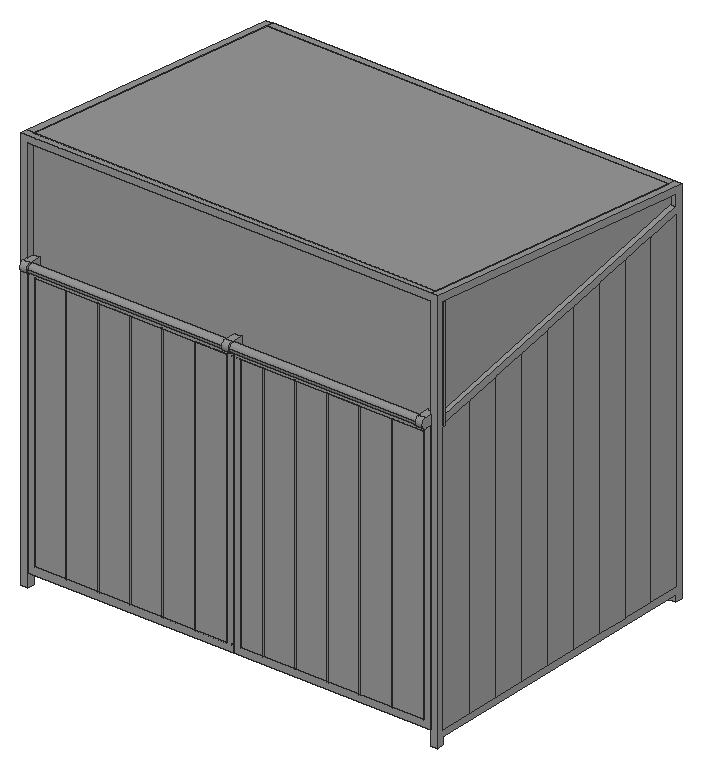
Revit family "13880 Контейнерный шкаф «Модуль» Хоббика", category Антураж, Revit 2018
Family settings
  На основе рабочей плоскости = Нет
  Всегда вертикально = Да
  При загрузке вырезать с полостями = Нет
  Источник визуального образа = Геометрия семейства
  Общий = Нет
  Точка расчета площади = Нет
Parameters (values of type "Версия "Лиственница"")
  Ширина = 1100 mm  # constant formula
  Цвет отделки = Лиственница
  Цвет каркаса = Сталь
  Описание = if([Версия "Лиственница"], "Контейнерный шкаф «Модуль». Версия «Лиственница»", "Контейнерный шкаф «Модуль». Версия «Сосна»")  # "Контейнерный шкаф «Модуль». Версия «Лиственница»"
  Материал изделия = "Сталь, дерево"  # constant formula
  Изображение типоразмера = Контейнерный шкаф «Модуль» Арт 13880.jpg
  Изготовитель = "ООО «Хоббика»"  # constant formula
  Длина = 1500 mm  # constant formula
  Группа модели = "Контейнерные площадки для ТБО"  # constant formula
  Высота = 1460 mm  # constant formula
  Версия "Сосна" = not([Версия "Лиственница"])  # no
  Версия "Лиственница" = yes
  Артикул товара = "Арт. 13880"  # constant formula
  URL = "https://hobbyka.ru/product/konteynernyy_shkaf_modul/"
Types (3, lengths in mm): name | Цвет отделки | Описание | Версия "Сосна" | Версия "Лиственница"
  (no name) | Лиственница | "Контейнерный шкаф «Модуль». Версия «Лиственница»" | no | yes
  Версия "Лиственница" | Лиственница | "Контейнерный шкаф «Модуль». Версия «Лиственница»" | no | yes
  Версия "Сосна" | Сосна | "Контейнерный шкаф «Модуль». Версия «Сосна»" | yes | no
Reference planes
  plane 1 "По центру (Вперед/Назад)": y = 0
  plane 2: z = 0
  plane 3 "По центру (Влево/Вправо)": x = 0
  plane 4: x = 1500
  plane 5: y = 1100
  plane 6: z = 1460
Forms (mm)
  Extrusion 1, solid, material "Сталь" <- "Цвет каркаса"
    sketch origin (0, 0, 0) x (0, 1, 0) y (0, 0, 1)
      loop
        line (1100, 0) -> (1100, 1340) -> (0, 1460) -> (0, 0) -> (25, 0) -> (25, 25) -> (1075, 25) -> (1075, 0) -> (1100, 0)
      loop
        line (1075, 1317.218) -> (25, 1432.566) -> (25, 1058.355) -> (1075, 1277) -> (1075, 1317.218)
      loop
        line (1075, 1251.614) -> (25, 1032.969) -> (25, 50) -> (1075, 50) -> (1075, 1251.614)
    from 0 to 25
  Extrusion 2, solid, material "Сталь" <- "Цвет каркаса"
    sketch origin (0, 0, 0) x (0, 1, 0) y (0, 0, 1)
      loop
        line (1100, 0) -> (1100, 1340) -> (0, 1460) -> (0, 0) -> (25, 0) -> (25, 25) -> (1075, 25) -> (1075, 0) -> (1100, 0)
      loop
        line (1075, 1317.218) -> (25, 1432.566) -> (25, 1058.355) -> (1075, 1277) -> (1075, 1317.218)
      loop
        line (1075, 1251.614) -> (25, 1032.969) -> (25, 50) -> (1075, 50) -> (1075, 1251.614)
    from 1475 to 1500
  Extrusion 3, solid, material "Сталь" <- "Цвет каркаса"
    sketch origin (0, 0, 0) x (0, 1, 0) y (0, 0, 1)
      loop
        line (25, 1457.674) -> (0, 1460) -> (0, 1434.892) -> (25, 1432.566) -> (25, 1457.674)
      loop
        line (1100, 1340) -> (1075, 1342.326) -> (1075, 1317.218) -> (1100, 1314.892) -> (1100, 1340)
      loop
        line (1075, 50) -> (1075, 25) -> (1100, 25) -> (1100, 50) -> (1075, 50)
    from 0 to 1475
  Extrusion 4, solid, material "Сталь" <- "Цвет каркаса"
    sketch origin (0, 0, 0) x (1, 0, 0) y (0, 0, 1)
      loop
        line (25, 1032.969) -> (25, 50) -> (765, 50) -> (765, 1032.969) -> (25, 1032.969)
      loop
        line (50, 1007.969) -> (50, 75) -> (740, 75) -> (740, 1007.969) -> (50, 1007.969)
    from 0 to -25
  Extrusion 5, solid, material "Сталь" <- "Цвет каркаса"
    sketch origin (740, 0, 0) x (1, 0, 0) y (0, 0, 1)
      loop
        line (25, 1032.969) -> (25, 50) -> (735, 50) -> (735, 1032.969) -> (25, 1032.969)
      loop
        line (50, 1007.969) -> (50, 75) -> (710, 75) -> (710, 1007.969) -> (50, 1007.969)
    from 0 to -25
  Extrusion 6, solid, material "Сталь" <- "Цвет каркаса"
    sketch origin (0, 0, 0) x (0, 1, 0) y (0, 0, 1)
      loop
        line (1075, 1317.218) -> (25, 1432.566) -> (25, 1058.355) -> (1075, 1277) -> (1075, 1317.218)
    from 20 to 25
  Extrusion 7, solid, material "Сталь" <- "Цвет каркаса"
    sketch origin (0, 0, 0) x (0, 1, 0) y (0, 0, 1)
      loop
        line (1075, 1317.218) -> (25, 1432.566) -> (25, 1058.355) -> (1075, 1277) -> (1075, 1317.218)
    from 1475 to 1480
  Extrusion 8, solid, material "Сталь" <- "Цвет каркаса"
    sketch origin (0, 0, 0) x (0, 1, 0) y (0, 0, 1)
      loop
        line (20, 1433.032) -> (20, 1032.969) -> (25, 1032.969) -> (25, 1432.566) -> (20, 1433.032)
    from 25 to 1505
  Extrusion 9, solid, material "Лиственница" <- "Цвет отделки"
    sketch origin (0, -1125, 0) x (0, 1, 0) y (0, 0, 1)
      loop
        line (1265, 1056.916) -> (1150, 1032.969) -> (1150, 50) -> (1265, 50) -> (1265, 1056.916)
    from 0 to 25
  Extrusion 10, solid, material "Лиственница" <- "Цвет отделки"
    sketch origin (0, -1125, 0) x (0, 1, 0) y (0, 0, 1)
      loop
        line (1265, 1056.916) -> (1150, 1032.969) -> (1150, 50) -> (1265, 50) -> (1265, 1056.916)
    from 1475 to 1500
  Extrusion 11, solid, material "Лиственница" <- "Цвет отделки"
    sketch origin (0, -190, 0) x (1, 0, 0) y (0, 1, 0)
      loop
        line (25, 1290) -> (25, 1265) -> (140, 1265) -> (140, 1290) -> (25, 1290)
    from 50 to 1314.892
  Extrusion 12, solid, material "Лиственница" <- "Цвет отделки"
    sketch origin (1335, -190, 0) x (1, 0, 0) y (0, 1, 0)
      loop
        line (25, 1290) -> (25, 1265) -> (140, 1265) -> (140, 1290) -> (25, 1290)
    from 50 to 1314.892
  Extrusion 13, solid, material "Лиственница" <- "Цвет отделки"
    sketch origin (121.364, -190, 0) x (1, 0, 0) y (0, 1, 0)
      loop
        line (25, 1290) -> (25, 1265) -> (140, 1265) -> (140, 1290) -> (25, 1290)
    from 50 to 1314.892
  Extrusion 14, solid, material "Лиственница" <- "Цвет отделки"
    sketch origin (242.727, -190, 0) x (1, 0, 0) y (0, 1, 0)
      loop
        line (25, 1290) -> (25, 1265) -> (140, 1265) -> (140, 1290) -> (25, 1290)
    from 50 to 1314.892
  Extrusion 15, solid, material "Лиственница" <- "Цвет отделки"
    sketch origin (364.091, -190, 0) x (1, 0, 0) y (0, 1, 0)
      loop
        line (25, 1290) -> (25, 1265) -> (140, 1265) -> (140, 1290) -> (25, 1290)
    from 50 to 1314.892
  Extrusion 16, solid, material "Лиственница" <- "Цвет отделки"
    sketch origin (485.455, -190, 0) x (1, 0, 0) y (0, 1, 0)
      loop
        line (25, 1290) -> (25, 1265) -> (140, 1265) -> (140, 1290) -> (25, 1290)
    from 50 to 1314.892
  Extrusion 17, solid, material "Лиственница" <- "Цвет отделки"
    sketch origin (606.818, -190, 0) x (1, 0, 0) y (0, 1, 0)
      loop
        line (25, 1290) -> (25, 1265) -> (140, 1265) -> (140, 1290) -> (25, 1290)
    from 50 to 1314.892
  Extrusion 18, solid, material "Лиственница" <- "Цвет отделки"
    sketch origin (728.182, -190, 0) x (1, 0, 0) y (0, 1, 0)
      loop
        line (25, 1290) -> (25, 1265) -> (140, 1265) -> (140, 1290) -> (25, 1290)
    from 50 to 1314.892
  Extrusion 19, solid, material "Лиственница" <- "Цвет отделки"
    sketch origin (849.545, -190, 0) x (1, 0, 0) y (0, 1, 0)
      loop
        line (25, 1290) -> (25, 1265) -> (140, 1265) -> (140, 1290) -> (25, 1290)
    from 50 to 1314.892
  Extrusion 20, solid, material "Лиственница" <- "Цвет отделки"
    sketch origin (970.909, -190, 0) x (1, 0, 0) y (0, 1, 0)
      loop
        line (25, 1290) -> (25, 1265) -> (140, 1265) -> (140, 1290) -> (25, 1290)
    from 50 to 1314.892
  Extrusion 21, solid, material "Лиственница" <- "Цвет отделки"
    sketch origin (1092.273, -190, 0) x (1, 0, 0) y (0, 1, 0)
      loop
        line (25, 1290) -> (25, 1265) -> (140, 1265) -> (140, 1290) -> (25, 1290)
    from 50 to 1314.892
  Extrusion 22, solid, material "Лиственница" <- "Цвет отделки"
    sketch origin (1213.636, -190, 0) x (1, 0, 0) y (0, 1, 0)
      loop
        line (25, 1290) -> (25, 1265) -> (140, 1265) -> (140, 1290) -> (25, 1290)
    from 50 to 1314.892
  Extrusion 23, solid, material "Сталь" <- "Цвет каркаса"
    sketch origin (0, 0, 0) x (0, 1, 0) y (0, 0, 1)
      loop
        line (1075, 1342.326) -> (25, 1457.674) -> (25, 1452.653) -> (1075, 1337.304) -> (1075, 1342.326)
    from 25 to 1475
  Extrusion 24, solid, material "Лиственница" <- "Цвет отделки"
    sketch origin (0, 0, 0) x (1, 0, 0) y (0, 0, 1)
      loop
        line (50, 1007.969) -> (50, 75) -> (160, 75) -> (160, 1007.969) -> (50, 1007.969)
    from 0 to -25
  Extrusion 25, solid, material "Лиственница" <- "Цвет отделки"
    sketch origin (580, 0, 0) x (1, 0, 0) y (0, 0, 1)
      loop
        line (50, 1007.969) -> (50, 75) -> (160, 75) -> (160, 1007.969) -> (50, 1007.969)
    from 0 to -25
  Extrusion 26, solid, material "Лиственница" <- "Цвет отделки"
    sketch origin (116, 0, 0) x (1, 0, 0) y (0, 0, 1)
      loop
        line (50, 1007.969) -> (50, 75) -> (160, 75) -> (160, 1007.969) -> (50, 1007.969)
    from 0 to -25
  Extrusion 27, solid, material "Лиственница" <- "Цвет отделки"
    sketch origin (232, 0, 0) x (1, 0, 0) y (0, 0, 1)
      loop
        line (50, 1007.969) -> (50, 75) -> (160, 75) -> (160, 1007.969) -> (50, 1007.969)
    from 0 to -25
  Extrusion 28, solid, material "Лиственница" <- "Цвет отделки"
    sketch origin (348, 0, 0) x (1, 0, 0) y (0, 0, 1)
      loop
        line (50, 1007.969) -> (50, 75) -> (160, 75) -> (160, 1007.969) -> (50, 1007.969)
    from 0 to -25
  Extrusion 29, solid, material "Лиственница" <- "Цвет отделки"
    sketch origin (464, 0, 0) x (1, 0, 0) y (0, 0, 1)
      loop
        line (50, 1007.969) -> (50, 75) -> (160, 75) -> (160, 1007.969) -> (50, 1007.969)
    from 0 to -25
  Extrusion 30, solid, material "Лиственница" <- "Цвет отделки"
    sketch origin (740, 0, 0) x (1, 0, 0) y (0, 0, 1)
      loop
        line (20, 1007.969) -> (20, 75) -> (130, 75) -> (130, 1007.969) -> (20, 1007.969)
    from 0 to -25
  Extrusion 31, solid, material "Лиственница" <- "Цвет отделки"
    sketch origin (1320, 0, 0) x (1, 0, 0) y (0, 0, 1)
      loop
        line (20, 1007.969) -> (20, 75) -> (130, 75) -> (130, 1007.969) -> (20, 1007.969)
    from 0 to -25
  Extrusion 32, solid, material "Лиственница" <- "Цвет отделки"
    sketch origin (856, 0, 0) x (1, 0, 0) y (0, 0, 1)
      loop
        line (20, 1007.969) -> (20, 75) -> (130, 75) -> (130, 1007.969) -> (20, 1007.969)
    from 0 to -25
  Extrusion 33, solid, material "Лиственница" <- "Цвет отделки"
    sketch origin (972, 0, 0) x (1, 0, 0) y (0, 0, 1)
      loop
        line (20, 1007.969) -> (20, 75) -> (130, 75) -> (130, 1007.969) -> (20, 1007.969)
    from 0 to -25
  Extrusion 34, solid, material "Лиственница" <- "Цвет отделки"
    sketch origin (1088, 0, 0) x (1, 0, 0) y (0, 0, 1)
      loop
        line (20, 1007.969) -> (20, 75) -> (130, 75) -> (130, 1007.969) -> (20, 1007.969)
    from 0 to -25
  Extrusion 35, solid, material "Лиственница" <- "Цвет отделки"
    sketch origin (1204, 0, 0) x (1, 0, 0) y (0, 0, 1)
      loop
        line (20, 1007.969) -> (20, 75) -> (130, 75) -> (130, 1007.969) -> (20, 1007.969)
    from 0 to -25
  Extrusion 36, solid, material "Сталь" <- "Цвет каркаса"
    sketch origin (0, 20, 10) x (0, 1, 0) y (0, 0, 1)
      loop
        line (0, 1057.969) -> (-40, 1057.969)
        arc (-40, 1057.969) -> (-57.5, 1040.469) -> (-40, 1022.969) r 17.5
        line (-40, 1022.969) -> (0, 1022.969) -> (0, 1057.969)
    from 25 to 50
  Extrusion 37, solid, material "Сталь" <- "Цвет каркаса"
    sketch origin (0, 20, 10) x (0, 1, 0) y (0, 0, 1)
      loop
        line (-40, 1022.969) -> (0, 1022.969) -> (0, 1057.969) -> (-40, 1057.969)
        arc (-40, 1057.969) -> (-57.5, 1040.469) -> (-40, 1022.969) r 17.5
    from 1450 to 1475
  Extrusion 38, solid, material "Сталь" <- "Цвет каркаса"
    sketch origin (0, 20, 35) x (0, 1, 0) y (0, 0, 1)
      loop
        line (-40, 997.969) -> (0, 997.969) -> (0, 1032.969) -> (-40, 1032.969)
        arc (-40, 1032.969) -> (-57.5, 1015.469) -> (-40, 997.969) r 17.5
    from 752.5 to 777.5
  Extrusion 39, solid, material "Сталь" <- "Цвет каркаса"
    sketch origin (0, 20, 35) x (0, 1, 0) y (0, 0, 1)
      loop
        circle (-40, 1015.469) r 15
    from 50 to 1450
  Extrusion 40, solid, material "Лиственница" <- "Цвет отделки"
    sketch origin (0, -190, 0) x (0, 1, 0) y (0, 0, 1)
      loop
        line (1265, 1251.614) -> (1150, 1227.667) -> (1150, 50) -> (1265, 50) -> (1265, 1251.614)
    from 1475 to 1500
  Extrusion 41, solid, material "Лиственница" <- "Цвет отделки"
    sketch origin (0, -1008.125, 0) x (0, 1, 0) y (0, 0, 1)
      loop
        line (1265, 1081.253) -> (1150, 1057.306) -> (1150, 50) -> (1265, 50) -> (1265, 1081.253)
    from 1475 to 1500
  Extrusion 42, solid, material "Лиственница" <- "Цвет отделки"
    sketch origin (0, -891.25, 0) x (0, 1, 0) y (0, 0, 1)
      loop
        line (1265, 1105.59) -> (1150, 1081.644) -> (1150, 50) -> (1265, 50) -> (1265, 1105.59)
    from 1475 to 1500
  Extrusion 43, solid, material "Лиственница" <- "Цвет отделки"
    sketch origin (0, -774.375, 0) x (0, 1, 0) y (0, 0, 1)
      loop
        line (1265, 1129.928) -> (1150, 1105.981) -> (1150, 50) -> (1265, 50) -> (1265, 1129.928)
    from 1475 to 1500
  Extrusion 44, solid, material "Лиственница" <- "Цвет отделки"
    sketch origin (0, -657.5, 0) x (0, 1, 0) y (0, 0, 1)
      loop
        line (1265, 1154.265) -> (1150, 1130.318) -> (1150, 50) -> (1265, 50) -> (1265, 1154.265)
    from 1475 to 1500
  Extrusion 45, solid, material "Лиственница" <- "Цвет отделки"
    sketch origin (0, -540.625, 0) x (0, 1, 0) y (0, 0, 1)
      loop
        line (1265, 1178.602) -> (1150, 1154.655) -> (1150, 50) -> (1265, 50) -> (1265, 1178.602)
    from 1475 to 1500
  Extrusion 46, solid, material "Лиственница" <- "Цвет отделки"
    sketch origin (0, -423.75, 0) x (0, 1, 0) y (0, 0, 1)
      loop
        line (1265, 1202.94) -> (1150, 1178.993) -> (1150, 50) -> (1265, 50) -> (1265, 1202.94)
    from 1475 to 1500
  Extrusion 47, solid, material "Лиственница" <- "Цвет отделки"
    sketch origin (0, -306.875, 0) x (0, 1, 0) y (0, 0, 1)
      loop
        line (1265, 1227.277) -> (1150, 1203.33) -> (1150, 50) -> (1265, 50) -> (1265, 1227.277)
    from 1475 to 1500
  Extrusion 48, solid, material "Лиственница" <- "Цвет отделки"
    sketch origin (0, -190, 0) x (0, 1, 0) y (0, 0, 1)
      loop
        line (1265, 1251.614) -> (1150, 1227.667) -> (1150, 50) -> (1265, 50) -> (1265, 1251.614)
    from 0 to 25
  Extrusion 49, solid, material "Лиственница" <- "Цвет отделки"
    sketch origin (0, -1008.125, 0) x (0, 1, 0) y (0, 0, 1)
      loop
        line (1265, 1081.253) -> (1150, 1057.306) -> (1150, 50) -> (1265, 50) -> (1265, 1081.253)
    from 0 to 25
  Extrusion 50, solid, material "Лиственница" <- "Цвет отделки"
    sketch origin (0, -891.25, 0) x (0, 1, 0) y (0, 0, 1)
      loop
        line (1265, 1105.59) -> (1150, 1081.644) -> (1150, 50) -> (1265, 50) -> (1265, 1105.59)
    from 0 to 25
  Extrusion 51, solid, material "Лиственница" <- "Цвет отделки"
    sketch origin (0, -774.375, 0) x (0, 1, 0) y (0, 0, 1)
      loop
        line (1265, 1129.928) -> (1150, 1105.981) -> (1150, 50) -> (1265, 50) -> (1265, 1129.928)
    from 0 to 25
  Extrusion 52, solid, material "Лиственница" <- "Цвет отделки"
    sketch origin (0, -657.5, 0) x (0, 1, 0) y (0, 0, 1)
      loop
        line (1265, 1154.265) -> (1150, 1130.318) -> (1150, 50) -> (1265, 50) -> (1265, 1154.265)
    from 0 to 25
  Extrusion 53, solid, material "Лиственница" <- "Цвет отделки"
    sketch origin (0, -540.625, 0) x (0, 1, 0) y (0, 0, 1)
      loop
        line (1265, 1178.602) -> (1150, 1154.655) -> (1150, 50) -> (1265, 50) -> (1265, 1178.602)
    from 0 to 25
  Extrusion 54, solid, material "Лиственница" <- "Цвет отделки"
    sketch origin (0, -423.75, 0) x (0, 1, 0) y (0, 0, 1)
      loop
        line (1265, 1202.94) -> (1150, 1178.993) -> (1150, 50) -> (1265, 50) -> (1265, 1202.94)
    from 0 to 25
  Extrusion 55, solid, material "Лиственница" <- "Цвет отделки"
    sketch origin (0, -306.875, 0) x (0, 1, 0) y (0, 0, 1)
      loop
        line (1265, 1227.277) -> (1150, 1203.33) -> (1150, 50) -> (1265, 50) -> (1265, 1227.277)
    from 0 to 25
Cuts and joins
  joined: Extrusion 1, Extrusion 2, Extrusion 3
  joined: Extrusion 38, Extrusion 39
Dimensions and locks
  "Ширина": plane 5 to plane 1 "По центру (Вперед/Назад)"
  "Длина": plane 3 "По центру (Влево/Вправо)" to plane 4
  "Высота": plane 6 to plane 2
  cut or joined group of Extrusion 1, Extrusion 2, Extrusion 3 to cut or joined group of Extrusion 1, Extrusion 2, Extrusion 3 = 1050 mm
  equal spacing: group 1, group 3, group 4, group 5, group 6, group 7, group 8, group 9, group 10, group 11, group 12, group 2  (x3)
  aligned and locked: level to plane 2
Automatic sketch dimensions
  Extrusion 11 sketch curve to Extrusion 11 sketch curve = 115 mm
  Extrusion 11 sketch curve to Extrusion 11 sketch curve = 25 mm
  Extrusion 12 sketch curve to Extrusion 12 sketch curve = 115 mm
  Extrusion 12 sketch curve to Extrusion 12 sketch curve = 25 mm
  Extrusion 13 sketch curve to Extrusion 13 sketch curve = 115 mm
  Extrusion 13 sketch curve to Extrusion 13 sketch curve = 25 mm
  Extrusion 14 sketch curve to Extrusion 14 sketch curve = 115 mm
  Extrusion 14 sketch curve to Extrusion 14 sketch curve = 25 mm
  Extrusion 15 sketch curve to Extrusion 15 sketch curve = 115 mm
  Extrusion 15 sketch curve to Extrusion 15 sketch curve = 25 mm
  Extrusion 16 sketch curve to Extrusion 16 sketch curve = 115 mm
  Extrusion 16 sketch curve to Extrusion 16 sketch curve = 25 mm
  Extrusion 17 sketch curve to Extrusion 17 sketch curve = 115 mm
  Extrusion 17 sketch curve to Extrusion 17 sketch curve = 25 mm
  Extrusion 18 sketch curve to Extrusion 18 sketch curve = 115 mm
  Extrusion 18 sketch curve to Extrusion 18 sketch curve = 25 mm
  Extrusion 19 sketch curve to Extrusion 19 sketch curve = 115 mm
  Extrusion 19 sketch curve to Extrusion 19 sketch curve = 25 mm
  Extrusion 20 sketch curve to Extrusion 20 sketch curve = 115 mm
  Extrusion 20 sketch curve to Extrusion 20 sketch curve = 25 mm
  Extrusion 21 sketch curve to Extrusion 21 sketch curve = 115 mm
  Extrusion 21 sketch curve to Extrusion 21 sketch curve = 25 mm
  Extrusion 22 sketch curve to Extrusion 22 sketch curve = 115 mm
  Extrusion 22 sketch curve to Extrusion 22 sketch curve = 25 mm
  Extrusion 1 sketch curve to level = 0 mm  (x2)
  Extrusion 1 sketch curve to plane 1 "По центру (Вперед/Назад)" = 0 mm
  Extrusion 1 sketch curve to plane 5 = 0 mm
  Extrusion 1 sketch curve to plane 6 = 0 mm
  Extrusion 1 sketch curve to plane 1 "По центру (Вперед/Назад)" = 25 mm  (x3)
  Extrusion 1 sketch curve to plane 5 = 25 mm  (x3)
  level to Extrusion 1 sketch curve = 25 mm
  Extrusion 1 sketch curve to Extrusion 1 sketch curve = 25 mm
  Extrusion 1 sketch curve to plane 6 = 427.031 mm
  Extrusion 1 sketch curve to Extrusion 1 sketch curve = 25.386 mm  (x2)
  Extrusion 1 sketch curve to plane 6 = 208.386 mm
  Extrusion 1 sketch curve to Extrusion 1 sketch curve = 40.218 mm
  Extrusion 1 sketch curve to Extrusion 1 sketch curve = 22.782 mm
  Extrusion 1 sketch curve to plane 6 = 27.434 mm
  Extrusion 2 sketch curve to level = 0 mm  (x2)
  Extrusion 2 sketch curve to plane 1 "По центру (Вперед/Назад)" = 0 mm
  Extrusion 2 sketch curve to plane 5 = 0 mm
  Extrusion 2 sketch curve to plane 6 = 0 mm
  Extrusion 2 sketch curve to plane 1 "По центру (Вперед/Назад)" = 25 mm  (x3)
  Extrusion 2 sketch curve to plane 5 = 25 mm  (x3)
  level to Extrusion 2 sketch curve = 25 mm
  Extrusion 2 sketch curve to Extrusion 2 sketch curve = 25 mm
  Extrusion 2 sketch curve to plane 6 = 427.031 mm
  Extrusion 2 sketch curve to Extrusion 2 sketch curve = 25.386 mm  (x2)
  Extrusion 2 sketch curve to plane 6 = 208.386 mm
  Extrusion 2 sketch curve to Extrusion 2 sketch curve = 40.218 mm
  Extrusion 2 sketch curve to Extrusion 2 sketch curve = 22.782 mm
  Extrusion 2 sketch curve to plane 6 = 27.434 mm
  Extrusion 3 sketch curve to plane 1 "По центру (Вперед/Назад)" = 0 mm
  Extrusion 3 sketch curve to plane 5 = 0 mm  (x2)
  Extrusion 3 sketch curve to plane 6 = 0 mm
  Extrusion 3 sketch curve to plane 6 = 2.326 mm
  Extrusion 3 sketch curve to plane 1 "По центру (Вперед/Назад)" = 25 mm
  Extrusion 3 sketch curve to plane 5 = 25 mm  (x2)
  Extrusion 3 sketch curve to Extrusion 3 sketch curve = 25.108 mm  (x4)
  Extrusion 3 sketch curve to plane 6 = 117.674 mm
  Extrusion 3 sketch curve to Extrusion 3 sketch curve = 2.326 mm
  level to Extrusion 3 sketch curve = 50 mm
  level to Extrusion 3 sketch curve = 25 mm
  plane 3 "По центру (Влево/Вправо)" to Extrusion 4 sketch curve = 25 mm
  Extrusion 4 sketch curve to Extrusion 4 sketch curve = 25 mm  (x4)
  level to Extrusion 4 sketch curve = 75 mm
  Extrusion 4 sketch curve to Extrusion 4 sketch curve = 690 mm
  Extrusion 4 sketch curve to plane 6 = 452.031 mm
  level to Extrusion 5 sketch curve = 50 mm
  plane 3 "По центру (Влево/Вправо)" to Extrusion 5 sketch curve = 765 mm
  Extrusion 5 sketch curve to Extrusion 5 sketch curve = 25 mm  (x3)
  Extrusion 5 sketch curve to plane 4 = 50 mm
  Extrusion 5 sketch curve to plane 4 = 25 mm
  Extrusion 5 sketch curve to plane 6 = 452.031 mm
  Extrusion 6 sketch curve to plane 1 "По центру (Вперед/Назад)" = 25 mm
  Extrusion 6 sketch curve to plane 5 = 25 mm
  Extrusion 6 sketch curve to plane 6 = 401.645 mm
  Extrusion 6 sketch curve to plane 6 = 183 mm
  Extrusion 6 sketch curve to Extrusion 6 sketch curve = 40.218 mm
  Extrusion 6 sketch curve to plane 6 = 27.434 mm
  Extrusion 7 sketch curve to plane 1 "По центру (Вперед/Назад)" = 25 mm
  Extrusion 7 sketch curve to plane 5 = 25 mm
  Extrusion 7 sketch curve to plane 6 = 401.645 mm
  Extrusion 7 sketch curve to plane 6 = 183 mm
  Extrusion 7 sketch curve to Extrusion 7 sketch curve = 40.218 mm
  Extrusion 7 sketch curve to plane 6 = 27.434 mm
  Extrusion 8 sketch curve to plane 1 "По центру (Вперед/Назад)" = 20 mm
  Extrusion 8 sketch curve to Extrusion 8 sketch curve = 5 mm
  Extrusion 8 sketch curve to plane 6 = 427.031 mm
  Extrusion 8 sketch curve to plane 6 = 27.434 mm
  Extrusion 8 sketch curve to Extrusion 8 sketch curve = 0.465 mm
  Extrusion 9 sketch curve to Extrusion 9 sketch curve = 115 mm
  Extrusion 9 sketch curve to Extrusion 9 sketch curve = 23.947 mm
  Extrusion 10 sketch curve to Extrusion 10 sketch curve = 115 mm
  Extrusion 10 sketch curve to Extrusion 10 sketch curve = 23.947 mm
  Extrusion 23 sketch curve to plane 1 "По центру (Вперед/Назад)" = 25 mm
  Extrusion 23 sketch curve to plane 5 = 25 mm
  Extrusion 23 sketch curve to plane 6 = 2.326 mm
  Extrusion 23 sketch curve to Extrusion 23 sketch curve = 5.022 mm  (x2)
  Extrusion 23 sketch curve to plane 6 = 117.674 mm
  plane 3 "По центру (Влево/Вправо)" to Extrusion 24 sketch curve = 50 mm
  Extrusion 24 sketch curve to Extrusion 24 sketch curve = 110 mm
  level to Extrusion 24 sketch curve = 75 mm
  Extrusion 24 sketch curve to plane 6 = 452.031 mm
  level to Extrusion 25 sketch curve = 75 mm
  plane 3 "По центру (Влево/Вправо)" to Extrusion 25 sketch curve = 630 mm
  Extrusion 25 sketch curve to Extrusion 25 sketch curve = 110 mm
  Extrusion 25 sketch curve to plane 6 = 452.031 mm
  level to Extrusion 26 sketch curve = 75 mm
  plane 3 "По центру (Влево/Вправо)" to Extrusion 26 sketch curve = 166 mm
  Extrusion 26 sketch curve to Extrusion 26 sketch curve = 110 mm
  Extrusion 26 sketch curve to plane 6 = 452.031 mm
  level to Extrusion 27 sketch curve = 75 mm
  plane 3 "По центру (Влево/Вправо)" to Extrusion 27 sketch curve = 282 mm
  Extrusion 27 sketch curve to Extrusion 27 sketch curve = 110 mm
  Extrusion 27 sketch curve to plane 6 = 452.031 mm
  level to Extrusion 28 sketch curve = 75 mm
  plane 3 "По центру (Влево/Вправо)" to Extrusion 28 sketch curve = 398 mm
  Extrusion 28 sketch curve to Extrusion 28 sketch curve = 110 mm
  Extrusion 28 sketch curve to plane 6 = 452.031 mm
  level to Extrusion 29 sketch curve = 75 mm
  plane 3 "По центру (Влево/Вправо)" to Extrusion 29 sketch curve = 514 mm
  Extrusion 29 sketch curve to Extrusion 29 sketch curve = 110 mm
  Extrusion 29 sketch curve to plane 6 = 452.031 mm
  level to Extrusion 30 sketch curve = 75 mm
  Extrusion 30 sketch curve to plane 4 = 740 mm
  Extrusion 30 sketch curve to Extrusion 30 sketch curve = 110 mm
  Extrusion 30 sketch curve to plane 6 = 452.031 mm
  level to Extrusion 31 sketch curve = 75 mm
  Extrusion 31 sketch curve to plane 4 = 160 mm
  Extrusion 31 sketch curve to plane 4 = 50 mm
  Extrusion 31 sketch curve to plane 6 = 452.031 mm
  level to Extrusion 32 sketch curve = 75 mm
  Extrusion 32 sketch curve to plane 4 = 624 mm
  Extrusion 32 sketch curve to Extrusion 32 sketch curve = 110 mm
  Extrusion 32 sketch curve to plane 6 = 452.031 mm
  level to Extrusion 33 sketch curve = 75 mm
  Extrusion 33 sketch curve to plane 4 = 508 mm
  Extrusion 33 sketch curve to Extrusion 33 sketch curve = 110 mm
  Extrusion 33 sketch curve to plane 6 = 452.031 mm
  level to Extrusion 34 sketch curve = 75 mm
  Extrusion 34 sketch curve to plane 4 = 392 mm
  Extrusion 34 sketch curve to Extrusion 34 sketch curve = 110 mm
  Extrusion 34 sketch curve to plane 6 = 452.031 mm
  level to Extrusion 35 sketch curve = 75 mm
  Extrusion 35 sketch curve to plane 4 = 276 mm
  Extrusion 35 sketch curve to Extrusion 35 sketch curve = 110 mm
  Extrusion 35 sketch curve to plane 6 = 452.031 mm
  Extrusion 36 sketch curve to plane 1 "По центру (Вперед/Назад)" = 20 mm
  plane 1 "По центру (Вперед/Назад)" to Extrusion 36 sketch curve = 20 mm
  Extrusion 36 sketch curve to plane 6 = 427.031 mm
  Extrusion 36 sketch curve to Extrusion 36 sketch curve = 17.5 mm
  Extrusion 37 sketch curve to plane 1 "По центру (Вперед/Назад)" = 20 mm
  plane 1 "По центру (Вперед/Назад)" to Extrusion 37 sketch curve = 20 mm
  Extrusion 37 sketch curve to plane 6 = 427.031 mm
  Extrusion 37 sketch curve to Extrusion 37 sketch curve = 17.5 mm
  Extrusion 38 sketch curve to plane 1 "По центру (Вперед/Назад)" = 20 mm
  plane 1 "По центру (Вперед/Назад)" to Extrusion 38 sketch curve = 20 mm
  Extrusion 38 sketch curve to plane 6 = 427.031 mm
  Extrusion 38 sketch curve to Extrusion 38 sketch curve = 17.5 mm
  plane 1 "По центру (Вперед/Назад)" to Extrusion 39 sketch curve = 20 mm
  Extrusion 39 sketch curve to plane 6 = 409.531 mm
  Extrusion 10 sketch curve to Extrusion 10 sketch curve = 982.969 mm
  Extrusion 40 sketch curve to Extrusion 40 sketch curve = 115 mm
  Extrusion 40 sketch curve to Extrusion 40 sketch curve = 23.947 mm
  Extrusion 40 sketch curve to Extrusion 40 sketch curve = 1177.667 mm
  Extrusion 41 sketch curve to Extrusion 41 sketch curve = 115 mm
  Extrusion 41 sketch curve to Extrusion 41 sketch curve = 23.947 mm
  Extrusion 41 sketch curve to Extrusion 41 sketch curve = 1007.306 mm
  Extrusion 42 sketch curve to Extrusion 42 sketch curve = 115 mm
  Extrusion 42 sketch curve to Extrusion 42 sketch curve = 23.947 mm
  Extrusion 42 sketch curve to Extrusion 42 sketch curve = 1031.644 mm
  Extrusion 43 sketch curve to Extrusion 43 sketch curve = 115 mm
  Extrusion 43 sketch curve to Extrusion 43 sketch curve = 23.947 mm
  Extrusion 43 sketch curve to Extrusion 43 sketch curve = 1055.981 mm
  Extrusion 44 sketch curve to Extrusion 44 sketch curve = 115 mm
  Extrusion 44 sketch curve to Extrusion 44 sketch curve = 23.947 mm
  Extrusion 44 sketch curve to Extrusion 44 sketch curve = 1080.318 mm
  Extrusion 45 sketch curve to Extrusion 45 sketch curve = 115 mm
  Extrusion 45 sketch curve to Extrusion 45 sketch curve = 23.947 mm
  Extrusion 45 sketch curve to Extrusion 45 sketch curve = 1104.655 mm
  Extrusion 46 sketch curve to Extrusion 46 sketch curve = 115 mm
  Extrusion 46 sketch curve to Extrusion 46 sketch curve = 23.947 mm
  Extrusion 46 sketch curve to Extrusion 46 sketch curve = 1128.993 mm
  Extrusion 47 sketch curve to Extrusion 47 sketch curve = 115 mm
  Extrusion 47 sketch curve to Extrusion 47 sketch curve = 23.947 mm
  Extrusion 47 sketch curve to Extrusion 47 sketch curve = 1153.33 mm
  Extrusion 10 sketch curve to plane 1 "По центру (Вперед/Назад)" = 25 mm
  level to Extrusion 10 sketch curve = 50 mm
  Extrusion 40 sketch curve to plane 5 = 140 mm
  level to Extrusion 40 sketch curve = 50 mm
  Extrusion 41 sketch curve to plane 1 "По центру (Вперед/Назад)" = 141.875 mm
  level to Extrusion 41 sketch curve = 50 mm
  Extrusion 42 sketch curve to plane 1 "По центру (Вперед/Назад)" = 258.75 mm
  level to Extrusion 42 sketch curve = 50 mm
  Extrusion 43 sketch curve to plane 1 "По центру (Вперед/Назад)" = 375.625 mm
  level to Extrusion 43 sketch curve = 50 mm
  Extrusion 44 sketch curve to plane 1 "По центру (Вперед/Назад)" = 492.5 mm
  level to Extrusion 44 sketch curve = 50 mm
  Extrusion 45 sketch curve to plane 5 = 490.625 mm
  level to Extrusion 45 sketch curve = 50 mm
  Extrusion 46 sketch curve to plane 5 = 373.75 mm
  level to Extrusion 46 sketch curve = 50 mm
  Extrusion 47 sketch curve to plane 5 = 256.875 mm
  level to Extrusion 47 sketch curve = 50 mm
  Extrusion 9 sketch curve to Extrusion 9 sketch curve = 982.969 mm
  Extrusion 48 sketch curve to Extrusion 48 sketch curve = 115 mm
  Extrusion 48 sketch curve to Extrusion 48 sketch curve = 23.947 mm
  Extrusion 48 sketch curve to Extrusion 48 sketch curve = 1177.667 mm
  Extrusion 49 sketch curve to Extrusion 49 sketch curve = 115 mm
  Extrusion 49 sketch curve to Extrusion 49 sketch curve = 23.947 mm
  Extrusion 49 sketch curve to Extrusion 49 sketch curve = 1007.306 mm
  Extrusion 50 sketch curve to Extrusion 50 sketch curve = 115 mm
  Extrusion 50 sketch curve to Extrusion 50 sketch curve = 23.947 mm
  Extrusion 50 sketch curve to Extrusion 50 sketch curve = 1031.644 mm
  Extrusion 51 sketch curve to Extrusion 51 sketch curve = 115 mm
  Extrusion 51 sketch curve to Extrusion 51 sketch curve = 23.947 mm
  Extrusion 51 sketch curve to Extrusion 51 sketch curve = 1055.981 mm
  Extrusion 52 sketch curve to Extrusion 52 sketch curve = 115 mm
  Extrusion 52 sketch curve to Extrusion 52 sketch curve = 23.947 mm
  Extrusion 52 sketch curve to Extrusion 52 sketch curve = 1080.318 mm
  Extrusion 53 sketch curve to Extrusion 53 sketch curve = 115 mm
  Extrusion 53 sketch curve to Extrusion 53 sketch curve = 23.947 mm
  Extrusion 53 sketch curve to Extrusion 53 sketch curve = 1104.655 mm
  Extrusion 54 sketch curve to Extrusion 54 sketch curve = 115 mm
  Extrusion 54 sketch curve to Extrusion 54 sketch curve = 23.947 mm
  Extrusion 54 sketch curve to Extrusion 54 sketch curve = 1128.993 mm
  Extrusion 55 sketch curve to Extrusion 55 sketch curve = 115 mm
  Extrusion 55 sketch curve to Extrusion 55 sketch curve = 23.947 mm
  Extrusion 55 sketch curve to Extrusion 55 sketch curve = 1153.33 mm
  Extrusion 9 sketch curve to plane 1 "По центру (Вперед/Назад)" = 25 mm
  level to Extrusion 9 sketch curve = 50 mm
  Extrusion 48 sketch curve to plane 5 = 140 mm
  level to Extrusion 48 sketch curve = 50 mm
  Extrusion 49 sketch curve to plane 1 "По центру (Вперед/Назад)" = 141.875 mm
  level to Extrusion 49 sketch curve = 50 mm
  Extrusion 50 sketch curve to plane 1 "По центру (Вперед/Назад)" = 258.75 mm
  level to Extrusion 50 sketch curve = 50 mm
  Extrusion 51 sketch curve to plane 1 "По центру (Вперед/Назад)" = 375.625 mm
  level to Extrusion 51 sketch curve = 50 mm
  Extrusion 52 sketch curve to plane 1 "По центру (Вперед/Назад)" = 492.5 mm
  level to Extrusion 52 sketch curve = 50 mm
  Extrusion 53 sketch curve to plane 5 = 490.625 mm
  level to Extrusion 53 sketch curve = 50 mm
  Extrusion 54 sketch curve to plane 5 = 373.75 mm
  level to Extrusion 54 sketch curve = 50 mm
  Extrusion 55 sketch curve to plane 5 = 256.875 mm
  level to Extrusion 55 sketch curve = 50 mm
  radius of Extrusion 39 sketch curve = 15 mm
